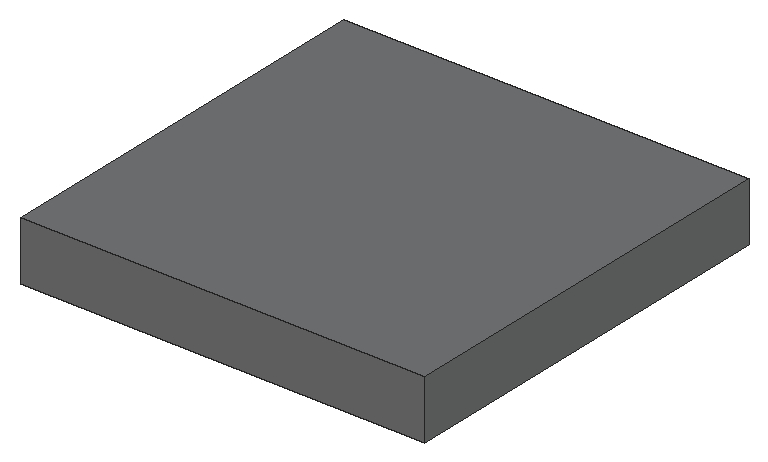
Revit family "Gira_0272005", category Electrical Fixtures, host Face, Revit 2017
Family settings
  Host = Face
  Maintain Annotation Orientation = No
  Round Connector Dimension = Use Diameter
  Part Type = Normal
  Cut with Voids When Loaded = No
  Shared = No
  Room Calculation Point = No
Parameters (values of type "Cov. sup.ring devices Ø 22.5 mm System 55 black m")
  URL = "http://katalog.gira.de/en/datenblatt.html?artikelnr=0272005"
  Name = "Cov. sup.ring devices Ø 22.5 mm System 55 black m"
  Manufacturer URL = "https://www.gira.de/"
  Manufacturer = "Gira"
  Keynote = ""
  HeinzeBIM = "https://bimportal.heinze.de/bim/cov-sup-ring-devices-22-5-mm-system-55-black-m/c895e6886fd84d4a0e8de13362aea44ed1290e8d"
  HAN = "0272005"
  GTIN = "4010337036708"
  Description = "Cov.sup.r.devices D22.5mm Sys55 BKm,Cover plate with support ring for the insertion of command and signal devices (diameter  22.5 mm),,black matt,Notes :,- For screw mounting only.,- For push buttons, slam buttons, key buttons, non-latching buttons, illuminated buttons, and mushroom buttons, selector switches, and signal lights, e.g. from Lumitas, Rafi, Elan, or Fanal."
  Default Elevation = 1219.2 mm
  Data sheet (1) = "https://katalog.gira.de/en/download.html?artikelnr=0272005"
  Category = "Insert/cover for communication technology"
  BIM (1) = "https://media.stage.bim.site/public/gira/36a6b08/Sys55_Abdeckung_Schalten und Tasten.rfa?public/gira/36a6b08/Sys55_Abdeckung_Schalten und Tasten.rfa"
  Available = "No"
  Anthrazit [instance] = Anthrazit
Reference planes
  plane 1 "Center (Front/Back)": y = 0
  plane 2: z = 0
  plane 3 "Center (Left/Right)": x = 0
Forms (mm)
  Extrusion 1, solid, material "Anthrazit" <- "Anthrazit", detail levels fine
    sketch origin (0, 0, 0) x (1, 0, 0) y (0, 1, 0)
      loop
        line (-27.5, 27.5) -> (-27.5, -27.5) -> (27.5, -27.5) -> (27.5, 27.5) -> (-27.5, 27.5)
    from 0 to 8
  Extrusion 2, void
    sketch origin (0, 0, 0) x (1, 0, 0) y (0, 1, 0)
      loop
        line (26, 26) -> (-26, 26) -> (-26, -26) -> (26, -26) -> (26, 26)
    from 0 to 6
  Extrusion 3, solid, material "Anthrazit" <- "Anthrazit", detail levels medium
    sketch origin (0, 0, 0) x (1, 0, 0) y (0, 1, 0)
      loop
        line (-27.5, 27.5) -> (-27.5, -27.5) -> (27.5, -27.5) -> (27.5, 27.5) -> (-27.5, 27.5)
    from 0 to 8
  Extrusion 4, solid, material "Anthrazit" <- "Anthrazit", detail levels medium
    sketch origin (0, 0, 0) x (1, 0, 0) y (0, 1, 0)
      loop
        line (11, -17.5) -> (11, 17.5) -> (-11, 17.5) -> (-11, -17.5) -> (11, -17.5)
    from -6 to 6
  Extrusion 5, solid, material "Anthrazit" <- "Anthrazit", detail levels fine
    sketch origin (0, 0, 0) x (1, 0, 0) y (0, 1, 0)
      loop
        line (11, 17.5) -> (-11, 17.5) -> (-11, 16.5) -> (11, 16.5) -> (11, 17.5)
      loop
        line (-11, -16.5) -> (-11, -17.5) -> (11, -17.5) -> (11, -16.5) -> (-11, -16.5)
    from -4 to 6
  Extrusion 6, solid, material "Anthrazit" <- "Anthrazit", detail levels fine
    sketch origin (0, 0, 0) x (1, 0, 0) y (0, 1, 0)
      loop
        arc (5, 9.347) -> (0, 10.6) -> (-5, 9.347) r 10.6
        line (-5, 9.347) -> (-5, -9.347)
        arc (-5, -9.347) -> (0, -10.6) -> (5, -9.347) r 10.6
        line (5, -9.347) -> (5, 9.347)
    from -6 to 6
  Extrusion 7, solid, material "Anthrazit" <- "Anthrazit", detail levels coarse
    sketch origin (0, 0, 0) x (1, 0, 0) y (0, 1, 0)
      loop
        line (-27.5, 27.5) -> (-27.5, -27.5) -> (27.5, -27.5) -> (27.5, 27.5) -> (-27.5, 27.5)
    from -6 to 8
Cuts and joins
  Extrusion 2 cuts Extrusion 1
Dimensions and locks
  aligned and locked: plane 2 to host face
  aligned and locked: level to host face
